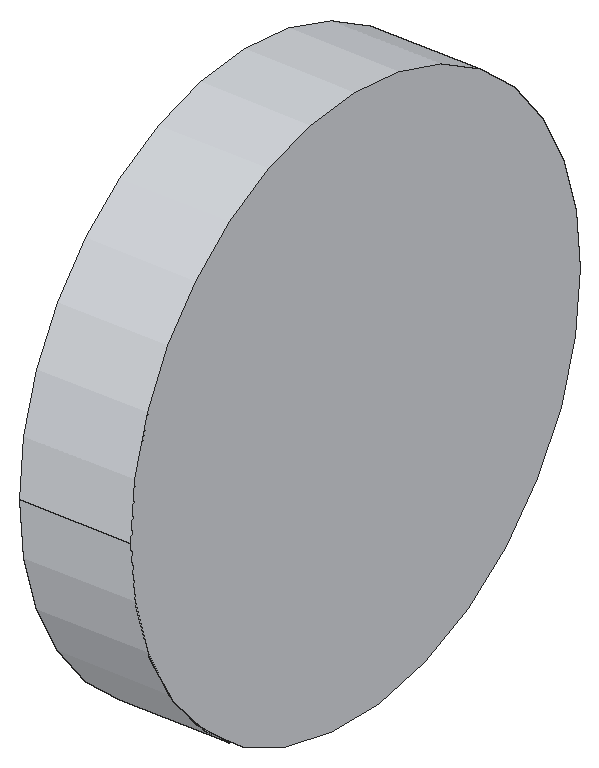
Revit family "GPC-Raiser", category Pipe Accessories, Revit 2025
Family settings
  Round Connector Dimension = Use Radius
  Part Type = Breaks Into
  OmniClass Number = 23.60.10.14
  OmniClass Title = Pressure Measuring Instruments
  Work Plane-Based = No
  Always vertical = Yes
  Cut with Voids When Loaded = No
  Shared = No
Parameters (values of type "2in")
  built-in parameter 1114242 [instance] = 1
  Thickness = 28 mm
  Loss Method = Not Defined
  Dial Diameter = 50 mm
  Nominal Radius = 25.4 mm
  Nominal Diameter = Nominal Radius * 2  # 50.8 mm
  Height = 200 mm
  Default Elevation = 0 mm
Types (5, lengths in mm): name | built-in parameter 1114242 | Thickness | Dial Diameter | Nominal Radius | Nominal Diameter | Height
  63 mm | (empty or 0) | 28 | 63 | 4 | 8 | 85
  80 mm Dial - 8 mm | (empty or 0) | 29 | 80 | 4 | 8 | 99
  100 mm Dial - 8 mm | (empty or 0) | 31 | 100 | 4 | 8 | 120
  2in | 1 | 28 | 50 | 25.4 | 50.8 | 200
  63 mm Dial - 8 mm | (empty or 0) | 28 | 63 | 4 | 8 | 85
Reference planes
  plane 1 "Center (Front/Back)": y = 0
  plane 2: z = 0
  plane 3 "Center (Left/Right)": x = 0
  plane 4: x = 10
  plane 5: z = 7
  plane 6: z = 14
  plane 7: z = 21
  plane 8: z = -7
  plane 9: z = 17.5
Forms (mm)
  Extrusion 1, solid, detail levels fine
    sketch origin (0, 0, 0) x (0, 1, 0) y (0, 0, 1)
      loop
        circle (0, 0) r 25.4
    from 0 to 10
Dimensions and locks
  locked: plane 5 to plane 2 at 7
  locked: plane 6 to plane 5 at 7
  locked: plane 7 to plane 6 at 7
  locked: plane 2 to plane 8 at 7
  equal spacing: plane 7, plane 9, plane 6
  plane 3 "Center (Left/Right)" to plane 4 = 10 mm
  "Nominal Radius": radius of Extrusion 1 sketch curve
  aligned and locked: plane 2 to Extrusion 1 sketch curve
  aligned and locked: plane 1 "Center (Front/Back)" to Extrusion 1 sketch curve
  aligned and locked: Extrusion 1 to plane 3 "Center (Left/Right)"
  aligned and locked: plane 4 to Extrusion 1
Connectors
  piping at (0, 0, 0), diameter 50.8, driven by "Nominal Radius"
    settings: on Extrusion 1, index 1, connector inside diameter 609.6 mm, connector length 0 mm, flow factor 0, pipe flow 0.0 L/s, pressure drop 0.0 Pa, fitting loss kfactor 0, connector angle 0.00°, fixture units 0, engagement length 0 mm, angle of deflection 0.00°, flow configuration 0, flow direction 0, fitting loss method 0, system type 7, joint type 0, gender type 0, connector reference index 2, connector utility 0, adjustable connector no, is connector primary yes, connector description ""
  piping at (10, 0, 0), diameter 50.8, driven by "Nominal Radius"
    settings: on Extrusion 1, index 2, connector inside diameter 609.6 mm, connector length 0 mm, flow factor 0, pipe flow 0.0 L/s, pressure drop 0.0 Pa, fitting loss kfactor 0, connector angle 0.00°, fixture units 0, engagement length 0 mm, angle of deflection 0.00°, flow configuration 0, flow direction 0, fitting loss method 0, system type 7, joint type 0, gender type 0, connector reference index 1, connector utility 0, adjustable connector no, is connector primary no, connector description ""
